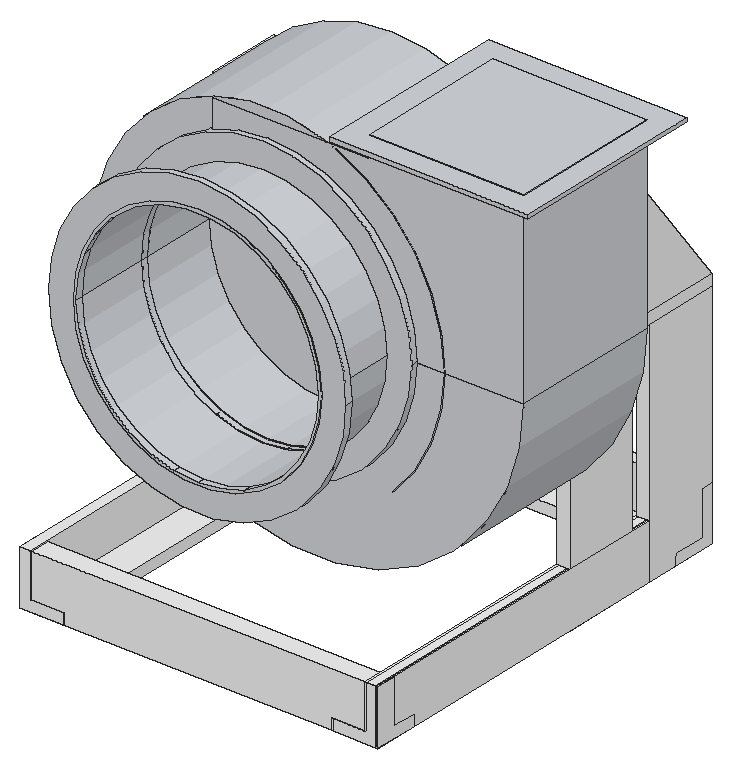
Revit family "НЕВАТОМ_Вентилятор ВР 280-46, Версия 2", category Оборудование, Revit 2017
Family settings
  Размер круглого соединителя = Использовать диаметр
  Тип детали = Нормальный
  На основе рабочей плоскости = Нет
  Всегда вертикально = Да
  При загрузке вырезать с полостями = Нет
  Общий = Да
  Точка расчета площади = Нет
Parameters (values of type "№2.0")
  Угол [instance] = 0.00° - Угол поворота  # 0.00°
  с2 = 220.00 mm
  с1 = 160.00 mm
  Ширина основания = 325.00 mm
  Ширина опоры = 325.00 mm
  Угол поворота [instance] = 0.00°
  ТП = "НЕВАТОМ_Вентилятор ВР 240-46"  # constant formula
  Сравнение праволево [instance] = if(НЕВАТОМ_Направление вращения Левое, 0.00 mm, 1.00 mm)  # 1.00 mm
  Рама монтажная [instance] = no
  НЕВАТОМ_Частота вращения электродвигателя = 3000.00 mm
  НЕВАТОМ_Направление вращения Правое = and(not(НЕВАТОМ_Направление вращения Левое))  # yes
  НЕВАТОМ_Направление вращения Левое = no
  НЕВАТОМ_Мощность электродвигатель = 0.18 mm
  НЕВАТОМ_Исполнение вентилятора = 1.00 mm
  Высота виброизолятора [instance] = if(and(Выбор виброизолятора = 1.00 mm, D = 220.00 mm), 72.00 mm, if(and(Выбор виброизолятора = 1.00 mm, D = 250.00 mm), 72.00 mm, if(and(Выбор виброизолятора = 1.00 mm, D = 315.00 mm), 92.50 mm, if(and(Выбор виброизолятора = 1.00 mm, D = 400.00 mm), 113.00 mm, if(and(Выбор виброизолятора = 1.00 mm, D = 500.00 mm), 129.00 mm, if(and(Выбор виброизолятора = 1.00 mm, D = 630.00 mm), 129.00 mm, if(and(Выбор виброизолятора = 1.00 mm, D = 800.00 mm), 170.00 mm, 0.00 mm)))))))  # 0.00 mm
  Выбор виброизолятора [instance] = if(Виброизолятор, 1.00 mm, 0.00 mm)  # 0.00 mm
  Виброизолятор [instance] = no
  ВР = 2.00 mm
  r = 50.00 mm
  l патрубка = 80.00 mm
  l длина = 160.00 mm
  l двиг = 120.00 mm
  k = 50.00 mm
  h3 = 0.00 mm
  h2 = 150.00 mm
  h1 = 170.00 mm
  h = 120.00 mm
  d двиг = 100.00 mm
  b = 20.00 mm
  URL = ""
  Type = 38.00 mm
  R2 = 160.00 mm
  R1 = 190.00 mm
  L длина опоры = 378.00 mm
  L двиг = 50.00 mm
  H1 = 270.00 mm
  H = 220.00 mm
  D1 = 225.00 mm
  D/2 = d двиг / 2  # 50.00 mm
  D входного патрубка = 220.00 mm
  D внешний = 270.00 mm
  D = 220.00 mm
  BB = 140.00 mm
  ADSK_Ток = 0 A
  ADSK_Свободный напор воздуха = 0.0 Pa
  ADSK_Расход воздуха [instance] = 0.0 L/s
  ADSK_Примечание = ""
  ADSK_Потеря давления воздуха [instance] = 0.0 Pa
  ADSK_Позиция = ""
  ADSK_Номинальная мощность = 0 W
  ADSK_Напряжение = 380 V  # constant formula
  ADSK_Наименование краткое [instance] = "ВР 280-46-2.0-0.18КВТ*3000 ОБ/МИН. ПРАВ0"
  ADSK_Наименование [instance] = "Вентилятор радиальный среднего давления"  # constant formula
  ADSK_Материал наименование = ""
  ADSK_Марка [instance] = size_lookup(ТП, "", "нет типоразмера", D)  # "VR 280-46-2.0"
  ADSK_Количество фаз числовое = 3  # constant formula
  ADSK_Количество фаз = 3  # constant formula
  ADSK_Количество = 1  # constant formula
  ADSK_Код изделия = ""
  ADSK_Завод-изготовитель [instance] = "НЕВАТОМ"  # constant formula
  ADSK_Единица измерения [instance] = "шт."  # constant formula
  ADSK_URL документации изделия = ""
  AA = 140.00 mm
  A1 = 162.00 mm
Reference planes
  plane 1 "По центру (Вперед/Назад)": y = 0
  plane 2: z = 0
  plane 3 "По центру (Влево/Вправо)": x = 0
  plane 4: x = -162.5
  plane 5: x = 162.5
  plane 6: y = -140
  plane 7: z = -50
  plane 8: z = -270
  plane 9: z = -270
  plane 10: y = 160
  plane 11: y = -220
  plane 12: x = -162.5
  plane 13: x = 162.5
Lines and regions (mm)
  reference lines
    curve 1: line (-240, 0, 0) -> (0, 0, 0)
    curve 2: line (0, 0, 260) -> (0, 0, 0)
Dimensions and locks
  equal spacing: plane 4, plane 3 "По центру (Влево/Вправо)", plane 5
  "Ширина опоры": plane 4 to plane 5
  nested 1 to nested 1 = 378.00 mm
  "BB": plane 6 to plane 1 "По центру (Вперед/Назад)"
  level to nested 1 = 270.00 mm  (x2)
  "D/2": level to plane 7
  nested 1 to plane 5 = 325.00 mm
  "H1": level to plane 8
  "с2": plane 11 to plane 1 "По центру (Вперед/Назад)"
  "с1": plane 1 "По центру (Вперед/Назад)" to plane 10
  "Ширина основания": plane 12 to plane 13
  equal spacing: plane 12, plane 3 "По центру (Влево/Вправо)", plane 13
  plane 8 to plane 9 = 0.00 mm
  "Высота виброизолятора": plane 8 to plane 9
  locked: curve 2 to curve 1 (angle 90.00°)
  "Угол": angle curve 1 to level
  "Угол": angle nested 2 to level
  aligned and locked: level to plane 2
  aligned and locked: nested 1 to plane 3 "По центру (Влево/Вправо)"
  aligned and locked: plane 1 "По центру (Вперед/Назад)" to nested 3
  aligned and locked: plane 3 "По центру (Влево/Вправо)" to nested 3
  aligned and locked: nested 2 to plane 1 "По центру (Вперед/Назад)"
  aligned and locked: plane 7 to nested 1
  aligned and locked: nested 1 to plane 1 "По центру (Вперед/Назад)"
  aligned and locked: level to curve 1
  aligned and locked: plane 3 "По центру (Влево/Вправо)" to curve 2
  aligned and locked: plane 3 "По центру (Влево/Вправо)" to nested 4
  aligned and locked: nested 2 to plane 6
  aligned and locked: plane 6 to nested 4
  aligned and locked: curve 1 to nested 2
  aligned and locked: curve 2 to nested 2
  aligned and locked: plane 11 to nested 5
  aligned and locked: plane 8 to nested 5
  aligned and locked: plane 10 to nested 6  (x2)
  aligned and locked: plane 8 to nested 6
  aligned and locked: plane 10 to nested 7
  aligned and locked: nested 8 to plane 11
  aligned and locked: plane 8 to nested 7
  aligned and locked: plane 8 to nested 8
  aligned and locked: nested 8 to plane 12
  aligned and locked: nested 5 to plane 13
  aligned and locked: nested 7 to plane 12
  aligned and locked: plane 13 to nested 6
  aligned and locked: nested 9 to plane 11
  aligned and locked: plane 9 to nested 9
Nested families
  nested 1: "Опора вентилятора" at (-162.5, 0, -50) x (-1, 0, 0) z (0, 0, 1), H <- "H", h <- "h", l длина <- "l длина", Длина опоры <- "L длина опоры", Ширина опоры <- "Ширина опоры", Ширина основания <- "Ширина основания", type "№2,5"
    with Ширина основания 325.00 mm, Ширина опоры 325.00 mm, Длина опоры 378.00 mm, l длина 160.00 mm, h 120.00 mm, H 220.00 mm
  nested 2: "Улитка" at (0, 0, 0) x (-1, 0, 0) z (0, 0, 1), A1 <- "A1", AA <- "AA", BB <- "BB", D <- "D", R1 <- "R1", R2 <- "R2", b <- "b", h1 <- "h1", h2 <- "h2", h3 <- "h3", k <- "k", type "№12,5"
    with k 50.00 mm, h3 0.00 mm, h2 150.00 mm, h1 170.00 mm, b 20.00 mm, R2 160.00 mm, R1 190.00 mm, D 220.00 mm, BB 140.00 mm, AA 140.00 mm, A1 162.00 mm
  nested 3: "НЕВАТОМ_Электродвигатель" at (0, 0, 0), type "№12.5"
    with r 50.00 mm, l двиг 120.00 mm, d двиг 100.00 mm, L двиг 50.00 mm
  nested 4: "НЕВАТОМ_Входной патрубок" at (0, -220, 0), type "№12.5"
    with D1 225.00 mm, D входного патрубка 220.00 mm, D внешний 270.00 mm
  nested 5: "НЕВАТОМ_Виброизолятор ВР, Версия 1" at (132.5, -170, -656) x (0, 1, 0) z (0, 0, 1), Type <- "Type", visible <- "Виброизолятор", type "Виброизолятор ВР"
    with t3 6.00 mm, t/2 5.143 mm, t 10.286 mm, d1 12.00 mm, d 3.00 mm, Type 38.00 mm, R1 1.50 mm, R 15.00 mm, L2+12 72.00 mm, L2 60.00 mm, L 100.00 mm, H 72.00 mm, Dsr 30.00 mm, B 60.00 mm, ADSK_Наименование "Виброизолятор ДО-38", ADSK_Масса 0.2, ADSK_Марка "Виброизолятор ДО-38", A 70.00 mm
  nested 6: "НЕВАТОМ_Виброизолятор ВР, Версия 1" at (132.5, 110, -656) x (0, 1, 0) z (0, 0, 1), Type <- "Type", visible <- "Виброизолятор", type "Виброизолятор ВР"
    with t3 6.00 mm, t/2 5.143 mm, t 10.286 mm, d1 12.00 mm, d 3.00 mm, Type 38.00 mm, R1 1.50 mm, R 15.00 mm, L2+12 72.00 mm, L2 60.00 mm, L 100.00 mm, H 72.00 mm, Dsr 30.00 mm, B 60.00 mm, ADSK_Наименование "Виброизолятор ДО-38", ADSK_Масса 0.2, ADSK_Марка "Виброизолятор ДО-38", A 70.00 mm
  nested 7: "НЕВАТОМ_Виброизолятор ВР, Версия 1" at (-132.5, 110, -656) x (0, 1, 0) z (0, 0, 1), Type <- "Type", visible <- "Виброизолятор", type "Виброизолятор ВР"
    with t3 6.00 mm, t/2 5.143 mm, t 10.286 mm, d1 12.00 mm, d 3.00 mm, Type 38.00 mm, R1 1.50 mm, R 15.00 mm, L2+12 72.00 mm, L2 60.00 mm, L 100.00 mm, H 72.00 mm, Dsr 30.00 mm, B 60.00 mm, ADSK_Наименование "Виброизолятор ДО-38", ADSK_Масса 0.2, ADSK_Марка "Виброизолятор ДО-38", A 70.00 mm
  nested 8: "НЕВАТОМ_Виброизолятор ВР, Версия 1" at (-132.5, -170, -656) x (0, 1, 0) z (0, 0, 1), Type <- "Type", visible <- "Виброизолятор", type "Виброизолятор ВР"
    with t3 6.00 mm, t/2 5.143 mm, t 10.286 mm, d1 12.00 mm, d 3.00 mm, Type 38.00 mm, R1 1.50 mm, R 15.00 mm, L2+12 72.00 mm, L2 60.00 mm, L 100.00 mm, H 72.00 mm, Dsr 30.00 mm, B 60.00 mm, ADSK_Наименование "Виброизолятор ДО-38", ADSK_Масса 0.2, ADSK_Марка "Виброизолятор ДО-38", A 70.00 mm
  nested 9: "НЕВАТОМ_Рама монтажная для ВР-280-46, Версия 2" at (0, -25, -335) x (0, 1, 0) z (0, 0, 1), visible <- "Рама монтажная", type "Рама монтажная для ВР-280-46"
    with a 12.00 mm, VR 2.00 mm, Ls 110.00 mm, Ln 375.00 mm, Lm 112.00 mm, Lh 390.00 mm, Ld 290.00 mm, L 65.00 mm, H1 41.00 mm, H 42.00 mm, D 10.00 mm, C 252.00 mm, ADSK_Масса 3.32
Connectors
  hvac at (162, -70, 170), driven by "AA", driven by "BB", driven by "ADSK_Расход воздуха", driven by "ADSK_Свободный напор воздуха"
    settings: on nested 2, index 2, duct flow 0.0 L/s, flow factor 0, pres drop 0.0 Pa, loss coef 0, conn angle 0.00°, conn width 140 mm, conn height 140 mm, conn diameter 609.6 mm, duct sys type 29, conn prof type 1, flow config 2, flow direction 2, loss method 0, conn ref index 3, conn util no, is conn primary yes, conn desc ""
  hvac at (0, -220, 0), driven by "D входного патрубка", driven by "ADSK_Расход воздуха", driven by "ADSK_Потеря давления воздуха"
    settings: on nested 4, index 3, duct flow 0.0 L/s, flow factor 0, pres drop 0.0 Pa, loss coef 0, conn angle 0.00°, conn width 304.8 mm, conn height 304.8 mm, conn diameter 220 mm, duct sys type 29, conn prof type 0, flow config 0, flow direction 1, loss method 4, conn ref index 2, conn util no, is conn primary no, conn desc ""
Definition of nested family "Опора вентилятора"
  Parameters (values of type "№8")
    Ширина основания [instance] = 800.00 mm
    Ширина опоры [instance] = 800.00 mm
    Длина опоры [instance] = 1074.00 mm
    l длина [instance] = 537.00 mm
    h [instance] = 350.00 mm
    H [instance] = 775.00 mm
  Types (8, lengths in mm): name | Ширина основания | Ширина опоры | Длина опоры | l длина | h | H
    №2,5 | 1270.00 | 930.00 | 1343.00 | 670.00 | 200.00 | 1100.00
    №3.15 | 1500.00 | 287.00 | 467.00 | 233.00 | 120.00 | 396.00
    №4 | 1500.00 | 357.00 | 580.00 | 290.00 | 130.00 | 526.00
    №5 | 1500.00 | 476.00 | 754.00 | 377.00 | 340.00 | 650.00
    №6.3 | 1500.00 | 556.00 | 900.00 | 450.00 | 100.00 | 750.00
    №8 | 800.00 | 800.00 | 1074.00 | 537.00 | 350.00 | 775.00
    №10 | 930.00 | 480.00 | 1370.00 | 670.00 | 200.00 | 1100.00
    №12.5 | 1500.00 | 700.00 | 1648.00 | 820.00 | 200.00 | 1100.00
  Reference planes
    plane 1 "По центру (Вперед/Назад)": y = 0
    plane 2: z = 0
    plane 3 "По центру (Влево/Вправо)": x = 0
    plane 4: x = -800
    plane 5: z = -800
    plane 6: y = 537
    plane 7: z = -775
    plane 8: y = -537
    plane 9: z = 350
    plane 10: x = -800
    plane 11: x = 0
    plane 12: x = -400
  Forms (mm)
    Extrusion 1, solid
      sketch origin (0, 0, 0) x (1, 0, 0) y (0, 0, 1)
        loop
          line (-797.5, -725.225) -> (-797.5, -775) -> (-757.5, -775) -> (-757.5, -765) -> (-787.5, -765) -> (-787.5, -725.225) -> (-797.5, -725.225)
      from -537 to 537
    Extrusion 2, solid
      sketch origin (-280, 0, 0) x (-1, 0, 0) y (0, 0, -1)
        loop
          line (-280, 725.225) -> (-270, 725.225) -> (-270, 765) -> (-240, 765) -> (-240, 775) -> (-280, 775) -> (-280, 725.225)
      from -537 to 537
    Extrusion 3, solid
      sketch origin (0, 0, 0) x (0, 1, 0) y (0, 0, 1)
        loop
          line (-467, 0) -> (-537, 0) -> (-537, -775) -> (-467, -775) -> (-467, 0)
      from -12.042 to 0
    Extrusion 4, solid
      sketch origin (0, 920, 0) x (0, 1, 0) y (0, 0, 1)
        loop
          line (-920, 350) -> (-990, 350) -> (-990, -775) -> (-920, -775) -> (-920, 350)
      from -12.042 to 0
    Extrusion 5, solid
      sketch origin (-260, 0, 0) x (0, 1, 0) y (0, 0, 1)
        loop
          line (-467, 0) -> (-537, 0) -> (-537, -775) -> (-467, -775) -> (-467, 0)
      from -540 to -527.958
    Extrusion 6, solid
      sketch origin (-245, 920, 0) x (0, 1, 0) y (0, 0, 1)
        loop
          line (-920, 350) -> (-990, 350) -> (-990, -775) -> (-920, -775) -> (-920, 350)
      from -555 to -542.958
    Extrusion 7, solid
      sketch origin (0, 0, 0) x (1, 0, 0) y (0, 0, 1)
        loop
          line (-800, 0) -> (-800, -10) -> (0, -10) -> (0, 0) -> (-800, 0)
      from 0 to 537
    Extrusion 8, solid
      sketch origin (0, 0, 0) x (0, 1, 0) y (0, 0, 1)
        loop
          line (-70, 350) -> (-537, 0) -> (0, 0) -> (0, 350) -> (-70, 350)
      from -4.828 to 0
    Extrusion 9, solid
      sketch origin (-230, 0, 0) x (0, 1, 0) y (0, 0, 1)
        loop
          line (-70, 350) -> (-537, 0) -> (0, 0) -> (0, 350) -> (-70, 350)
      from -570 to -565.172
    Extrusion 10, solid
      sketch origin (-402.5, 0, 0) x (1, 0, 0) y (0, 0, 1)
        loop
          line (-397.5, -725.225) -> (-397.5, -775) -> (-357.5, -775) -> (-357.5, -765) -> (-387.5, -765) -> (-387.5, -725.225) -> (-397.5, -725.225)
      from -537 to 537
    Extrusion 11, solid
      sketch origin (120, 0, 0) x (-1, 0, 0) y (0, 0, -1)
        loop
          line (120, 725.225) -> (130, 725.225) -> (130, 765) -> (160, 765) -> (160, 775) -> (120, 775) -> (120, 725.225)
      from -537 to 537
    Extrusion 12, solid
      sketch origin (-272, -122.5, 0) x (0, 1, 0) y (0, 0, 1)
        loop
          line (-414.5, -725.225) -> (-414.5, -775) -> (-374.5, -775) -> (-374.5, -765) -> (-404.5, -765) -> (-404.5, -725.225) -> (-414.5, -725.225)
      from -528 to 272
    Extrusion 13, solid
      sketch origin (-272, 122.5, 0) x (0, -1, 0) y (0, 0, -1)
        loop
          line (-414.5, 725.225) -> (-396.5, 725.225) -> (-396.5, 765) -> (-374.5, 765) -> (-374.5, 775) -> (-414.5, 775) -> (-414.5, 725.225)
      from -528 to 272
  Cuts and joins
    joined: Extrusion 4, Extrusion 8
  Dimensions and locks
    "Длина опоры": plane 6 to plane 8
    "Ширина опоры": plane 3 "По центру (Влево/Вправо)" to plane 4
    "H": level to plane 7
    "h": plane 9 to level
    plane 1 "По центру (Вперед/Назад)" to plane 8 = 537.00 mm
    "l длина": plane 1 "По центру (Вперед/Назад)" to plane 8
    locked: Extrusion 1 to Extrusion 1 at 10  (x2)
    locked: Extrusion 2 to Extrusion 2 at 10  (x2)
    locked: Extrusion 3 to Extrusion 3 at 12.042
    locked: Extrusion 3 to Extrusion 3 at 70
    locked: Extrusion 4 to Extrusion 4 at 12.042
    locked: Extrusion 4 to Extrusion 4 at 70
    locked: Extrusion 5 to Extrusion 5 at 12.042
    locked: Extrusion 5 to Extrusion 5 at 70
    locked: Extrusion 6 to Extrusion 6 at 12.042
    locked: Extrusion 6 to Extrusion 6 at 70
    locked: Extrusion 7 to Extrusion 7 at 10
    Extrusion 8 to Extrusion 8 = 4.828 mm
    locked: Extrusion 8 to Extrusion 8 at 4.828
    locked: Extrusion 9 to Extrusion 9 at 4.828
    locked: Extrusion 2 to Extrusion 2 at 40
    Extrusion 1 to Extrusion 1 = 40.00 mm
    locked: Extrusion 1 to Extrusion 1 at 40
    locked: Extrusion 10 to Extrusion 10 at 10  (x2)
    locked: Extrusion 10 to Extrusion 10 at 40
    locked: Extrusion 11 to Extrusion 11 at 10  (x2)
    locked: Extrusion 11 to Extrusion 11 at 40
    "Ширина основания": plane 10 to plane 11
    locked: Extrusion 12 to Extrusion 12 at 10
    locked: Extrusion 12 to Extrusion 12 at 40
    locked: Extrusion 13 to Extrusion 13 at 10
    locked: Extrusion 13 to Extrusion 13 at 40
    "Ширина опоры": plane 4 to plane 3 "По центру (Влево/Вправо)"
    equal spacing: plane 10, plane 12, plane 11
    equal spacing: plane 4, plane 12, plane 3 "По центру (Влево/Вправо)"
    aligned and locked: level to plane 2
    aligned and locked: plane 8 to Extrusion 1
    aligned and locked: Extrusion 1 to plane 6
    aligned and locked: Extrusion 2 to plane 3 "По центру (Влево/Вправо)"
    aligned and locked: Extrusion 2 to plane 6
    aligned and locked: level to Extrusion 3
    aligned and locked: Extrusion 3 to plane 7
    aligned and locked: plane 8 to Extrusion 3
    aligned and locked: Extrusion 4 to plane 1 "По центру (Вперед/Назад)"
    aligned and locked: plane 3 "По центру (Влево/Вправо)" to Extrusion 3
    aligned and locked: plane 3 "По центру (Влево/Вправо)" to Extrusion 4
    aligned and locked: Extrusion 5 to plane 4
    aligned and locked: Extrusion 6 to plane 4
    aligned and locked: level to Extrusion 7
    aligned and locked: plane 8 to Extrusion 2
    aligned and locked: plane 8 to Extrusion 7
    aligned and locked: plane 9 to Extrusion 6
    aligned and locked: plane 9 to Extrusion 4
    aligned and locked: Extrusion 8 sketch curve to level
    aligned and locked: plane 9 to Extrusion 8 sketch curve
    aligned and locked: Extrusion 9 to plane 4
    aligned and locked: Extrusion 8 to plane 1 "По центру (Вперед/Назад)"
    aligned and locked: plane 8 to Extrusion 12
    aligned and locked: plane 11 to Extrusion 12
    aligned and locked: Extrusion 12 to plane 10
    aligned and locked: plane 11 to Extrusion 13
    aligned and locked: Extrusion 13 to plane 10
    aligned and locked: Extrusion 13 to plane 6
    aligned and locked: plane 8 to Extrusion 11
    aligned and locked: Extrusion 11 to plane 6
    aligned and locked: Extrusion 10 to plane 6
    aligned and locked: plane 8 to Extrusion 10
  Automatic sketch dimensions
    Extrusion 1 sketch curve to plane 7 = 0.00 mm
    plane 4 to Extrusion 1 sketch curve = 2.50 mm
    Extrusion 1 sketch curve to Extrusion 1 sketch curve = 10.00 mm  (x2)
    Extrusion 1 sketch curve to Extrusion 1 sketch curve = 30.00 mm
    Extrusion 1 sketch curve to Extrusion 1 sketch curve = 39.775 mm
    plane 3 "По центру (Влево/Вправо)" to Extrusion 2 sketch curve = 0.00 mm
    Extrusion 2 sketch curve to plane 7 = 0.00 mm
    plane 3 "По центру (Влево/Вправо)" to Extrusion 2 sketch curve = 10.00 mm
    Extrusion 2 sketch curve to Extrusion 2 sketch curve = 30.00 mm
    Extrusion 2 sketch curve to Extrusion 2 sketch curve = 10.00 mm
    Extrusion 2 sketch curve to Extrusion 2 sketch curve = 39.775 mm
    Extrusion 3 sketch curve to level = 0.00 mm
    Extrusion 3 sketch curve to plane 8 = 0.00 mm
    Extrusion 3 sketch curve to plane 7 = 0.00 mm
    Extrusion 3 sketch curve to plane 8 = 70.00 mm
    Extrusion 4 sketch curve to plane 9 = 0.00 mm
    Extrusion 4 sketch curve to plane 7 = 0.00 mm
    Extrusion 4 sketch curve to plane 1 "По центру (Вперед/Назад)" = 0.00 mm
    plane 1 "По центру (Вперед/Назад)" to Extrusion 4 sketch curve = 70.00 mm
    Extrusion 5 sketch curve to level = 0.00 mm
    Extrusion 5 sketch curve to plane 8 = 0.00 mm
    Extrusion 5 sketch curve to plane 7 = 0.00 mm
    Extrusion 5 sketch curve to plane 8 = 70.00 mm
    Extrusion 6 sketch curve to plane 9 = 0.00 mm
    Extrusion 6 sketch curve to plane 7 = 0.00 mm
    Extrusion 6 sketch curve to plane 1 "По центру (Вперед/Назад)" = 0.00 mm
    plane 1 "По центру (Вперед/Назад)" to Extrusion 6 sketch curve = 70.00 mm
    Extrusion 7 sketch curve to plane 4 = 0.00 mm
    Extrusion 7 sketch curve to plane 3 "По центру (Влево/Вправо)" = 0.00 mm
    Extrusion 7 sketch curve to level = 0.00 mm
    Extrusion 7 sketch curve to level = 10.00 mm
    Extrusion 8 sketch curve to plane 8 = 0.00 mm
    Extrusion 8 sketch curve to plane 1 "По центру (Вперед/Назад)" = 0.00 mm
    plane 1 "По центру (Вперед/Назад)" to Extrusion 8 sketch curve = 70.00 mm
    Extrusion 9 sketch curve to level = 0.00 mm
    Extrusion 9 sketch curve to plane 8 = 0.00 mm
    Extrusion 9 sketch curve to plane 9 = 0.00 mm
    Extrusion 9 sketch curve to plane 1 "По центру (Вперед/Назад)" = 0.00 mm
    plane 1 "По центру (Вперед/Назад)" to Extrusion 9 sketch curve = 70.00 mm
    Extrusion 10 sketch curve to plane 10 = 0.00 mm
    Extrusion 10 sketch curve to plane 7 = 0.00 mm
    plane 10 to Extrusion 10 sketch curve = 10.00 mm
    Extrusion 10 sketch curve to Extrusion 10 sketch curve = 30.00 mm
    Extrusion 10 sketch curve to Extrusion 10 sketch curve = 10.00 mm
    Extrusion 10 sketch curve to Extrusion 10 sketch curve = 39.775 mm
    Extrusion 11 sketch curve to plane 11 = 0.00 mm
    Extrusion 11 sketch curve to plane 7 = 0.00 mm
    Extrusion 11 sketch curve to Extrusion 11 sketch curve = 10.00 mm  (x2)
    Extrusion 11 sketch curve to Extrusion 11 sketch curve = 30.00 mm
    Extrusion 11 sketch curve to Extrusion 11 sketch curve = 39.775 mm
    Extrusion 12 sketch curve to plane 8 = 0.00 mm
    Extrusion 12 sketch curve to plane 7 = 0.00 mm
    Extrusion 12 sketch curve to plane 8 = 10.00 mm
    Extrusion 12 sketch curve to Extrusion 12 sketch curve = 30.00 mm
    Extrusion 12 sketch curve to Extrusion 12 sketch curve = 10.00 mm
    Extrusion 12 sketch curve to Extrusion 12 sketch curve = 39.775 mm
    Extrusion 13 sketch curve to plane 7 = 0.00 mm
    plane 6 to Extrusion 13 sketch curve = 0.00 mm
    Extrusion 13 sketch curve to Extrusion 13 sketch curve = 18.00 mm
    Extrusion 13 sketch curve to Extrusion 13 sketch curve = 22.00 mm
    Extrusion 13 sketch curve to Extrusion 13 sketch curve = 10.00 mm
    Extrusion 13 sketch curve to Extrusion 13 sketch curve = 39.775 mm
Definition of nested family "Улитка"
  Parameters (values of type "№2.5")
    k [instance] = 50.00 mm
    h2 [instance] = 155.00 mm
    h3 [instance] = 0.00 mm
    h1 [instance] = 190.00 mm
    b [instance] = 20.00 mm
    R2 [instance] = 190.00 mm
    R1 [instance] = 220.00 mm
    D [instance] = 250.00 mm
    BB [instance] = 175.00 mm
    AA [instance] = 175.00 mm
    A1 [instance] = 162.00 mm
  Types (8, lengths in mm): name | k | h2 | h3 | h1 | b | R2 | R1 | D | BB | AA | A1
    №2.5 | 50.00 | 155.00 | 0.00 | 190.00 | 20.00 | 190.00 | 220.00 | 250.00 | 175.00 | 175.00 | 162.00
    №3.15 | 1.00 | 200.00 | 100.00 | 220.00 | 20.00 | 200.00 | 257.00 | 320.00 | 220.00 | 220.00 | 204.00
    №4 | 1.00 | 250.00 | 100.00 | 270.00 | 25.00 | 250.00 | 326.00 | 400.00 | 280.00 | 280.00 | 260.00
    №5 | 1.00 | 310.00 | 100.00 | 335.00 | 25.00 | 310.00 | 400.00 | 500.00 | 350.00 | 350.00 | 325.00
    №6,3 | 1.00 | 395.00 | 100.00 | 415.00 | 25.00 | 400.00 | 513.00 | 630.00 | 441.00 | 441.00 | 409.00
    №8 | 0.00 | 500.00 | 100.00 | 540.00 | 25.00 | 500.00 | 650.00 | 800.00 | 560.00 | 560.00 | 520.00
    №10 | 80.00 | 620.00 | 100.00 | 660.00 | 25.00 | 620.00 | 880.00 | 1000.00 | 700.00 | 700.00 | 800.00
    №12,5 | 80.00 | 780.00 | 100.00 | 815.00 | 25.00 | 780.00 | 1050.00 | 1250.00 | 875.00 | 875.00 | 900.00
  Reference planes
    plane 1 "По центру (Вперед/Назад)": y = 0
    plane 2: z = 0
    plane 3 "По центру (Влево/Вправо)": x = 0
    plane 4: z = 190
    plane 5: x = 50
    plane 6: y = -175
    plane 7: z = 155
    plane 8: x = -249.5
    plane 9: x = -74.5
    plane 10: x = -162
    plane 11: y = -87.5
    plane 12: z = 120
    plane 13: z = 150
    plane 14: z = 0
  Forms (mm)
    Extrusion 1, solid
      sketch origin (0, 0, 0) x (1, 0, 0) y (0, 0, 1)
        loop
          line (190.5, 0) -> (-249.5, 0)
          arc (-249.5, 0) -> (-29.5, -220) -> (190.5, 0) r 220
      from 0 to 175
    Extrusion 2, solid
      sketch origin (0, 0, 0) x (1, 0, 0) y (0, 0, 1)
        loop
          line (-249.5, 0) -> (50, 0) -> (50, 155) -> (-74.5, 155) -> (-74.5, 190) -> (-249.5, 190) -> (-249.5, 0)
      from 0 to 175
    Extrusion 3, solid
      sketch origin (0, 0, 0) x (1, 0, 0) y (0, 0, 1)
        loop
          circle (-0.331, 0) r 190
      from 0 to 175
    Extrusion 4, solid
      sketch origin (0, 0, 0) x (1, 0, 0) y (0, 1, 0)
        loop
          line (-269.5, 20) -> (-269.5, -195) -> (-54.5, -195) -> (-54.5, 20) -> (-269.5, 20)
      from 186.267 to 190
    Extrusion 5, void
      sketch origin (0, 0, 0) x (1, 0, 0) y (0, 0, 1)
        loop
          circle (0, 0) r 125
      from 87.5 to 1163.502
  Cuts and joins
    Extrusion 5 cuts Extrusion 1
    Extrusion 5 cuts Extrusion 2
    Extrusion 5 cuts Extrusion 3
  Dimensions and locks
    "h1": plane 4 to level
    "BB": plane 6 to plane 1 "По центру (Вперед/Назад)"
    "k": plane 5 to plane 3 "По центру (Влево/Вправо)"
    "h2": plane 7 to level
    equal spacing: plane 9, plane 10, plane 8
    "AA": plane 9 to plane 8
    "A1": plane 3 "По центру (Влево/Вправо)" to plane 10
    equal spacing: plane 1 "По центру (Вперед/Назад)", plane 11, plane 6
    "b": plane 9 to Extrusion 4 sketch curve
    locked: Extrusion 4 to Extrusion 4 at 3.733
    plane 7 to plane 13 = 5.00 mm
    "h3": level to plane 14
    "b": Extrusion 4 to plane 1 "По центру (Вперед/Назад)"
    "b": plane 6 to Extrusion 4
    "b": Extrusion 4 sketch curve to plane 8
    cut or joined group of Extrusion 2, Extrusion 5 to cut or joined group of Extrusion 1, Extrusion 5 = 375.00 mm
    cut or joined group of Extrusion 2, Extrusion 5 to cut or joined group of Extrusion 3, Extrusion 5 = 439.169 mm
    "R1": radius of Extrusion 1 sketch curve
    "R2": radius of Extrusion 3 sketch curve
    "D": diameter of Extrusion 5 sketch curve
    aligned and locked: level to plane 2
    aligned and locked: Extrusion 1 to plane 6
    aligned and locked: Extrusion 1 to plane 1 "По центру (Вперед/Назад)"
    aligned and locked: Extrusion 2 to plane 6
    aligned and locked: Extrusion 2 to plane 1 "По центру (Вперед/Назад)"
    aligned and locked: plane 9 to Extrusion 2
    aligned and locked: plane 8 to Extrusion 2
    aligned and locked: Extrusion 3 to plane 6
    aligned and locked: plane 6 to Extrusion 2
    aligned and locked: plane 4 to Extrusion 4
    aligned and locked: Extrusion 4 to plane 4
    aligned and locked: Extrusion 5 to plane 11
  Automatic sketch dimensions
    Extrusion 2 sketch curve to plane 4 = 0.00 mm
    Extrusion 2 sketch curve to plane 8 = 0.00 mm
    Extrusion 2 sketch curve to plane 9 = 0.00 mm
    Extrusion 2 sketch curve to level = 0.00 mm
    plane 5 to Extrusion 2 sketch curve = 0.00 mm
    plane 7 to Extrusion 2 sketch curve = 0.00 mm
    Extrusion 1 sketch curve to level = 0.00 mm
    Extrusion 1 sketch curve to plane 8 = 0.00 mm
    Extrusion 3 sketch curve to level = 0.00 mm
    Extrusion 3 sketch curve to plane 3 "По центру (Влево/Вправо)" = 0.331 mm
    Extrusion 4 sketch curve to plane 6 = 20.00 mm
    Extrusion 4 sketch curve to plane 1 "По центру (Вперед/Назад)" = 20.00 mm
    Extrusion 5 sketch curve to level = 0.00 mm
    Extrusion 5 sketch curve to plane 3 "По центру (Влево/Вправо)" = 0.00 mm
Definition of nested family "НЕВАТОМ_Электродвигатель"
  Parameters (values of type "№3.5")
    Default Elevation = 1219.20 mm
    r = 90.00 mm
    l двиг = 140.00 mm
    d двиг = 140.00 mm
    L двиг = 160.00 mm
  Types (7, lengths in mm): name | r | l двиг | d двиг | L двиг
    (no name) | 90.00 | 140.00 | 140.00 | 160.00
    №12.5 | 200.00 | 420.00 | 320.00 | 500.00
    №10 | 200.00 | 300.00 | 280.00 | 240.00
    №8 | 90.00 | 200.00 | 140.00 | 240.00
    №6.3 | 90.00 | 140.00 | 140.00 | 160.00
    №5 | 90.00 | 140.00 | 140.00 | 160.00
    №3.5 | 90.00 | 140.00 | 140.00 | 160.00
  Reference planes
    plane 1 "По центру (Вперед/Назад)": y = 0
    plane 2: z = 0
    plane 3 "По центру (Влево/Вправо)": x = 0
    plane 4: y = 140
    plane 5: y = 300
  Forms (mm)
    Extrusion 1, solid
      sketch origin (0, 0, 0) x (1, 0, 0) y (0, 0, 1)
        loop
          circle (0, 0) r 70
      from 0 to -140
    Revolve 2, solid
      sketch origin (0, 0, 0) x (0, 1, 0) y (0, 0, 1)
        loop
          line (140, 0) -> (300, 0) -> (300, 65) -> (275, 90) -> (140, 90) -> (140, 0)
        axis (300, 0) -> (140, 0)
      angle from 0 to 360
  Dimensions and locks
    "l двиг": plane 4 to plane 1 "По центру (Вперед/Назад)"
    "L двиг": plane 5 to plane 4
    "r": Revolve 2 sketch curve to Revolve 2 sketch curve
    "d двиг": diameter of Extrusion 1 sketch curve
    aligned and locked: level to plane 2
    aligned and locked: plane 4 to Extrusion 1
    aligned and locked: plane 1 "По центру (Вперед/Назад)" to Extrusion 1
    aligned and locked: plane 5 to Revolve 2 sketch curve
    aligned and locked: plane 4 to Revolve 2 sketch curve
  Automatic sketch dimensions
    Extrusion 1 sketch curve to level = 0.00 mm
    Extrusion 1 sketch curve to plane 3 "По центру (Влево/Вправо)" = 0.00 mm
    Revolve 2 sketch curve to level = 0.00 mm  (x2)
    Revolve 2 sketch curve to plane 4 = 0.00 mm
    Revolve 2 sketch curve to plane 5 = 0.00 mm
    Revolve 2 sketch curve to plane 5 = 25.00 mm
    Revolve 2 sketch curve to Revolve 2 sketch curve = 25.00 mm
Definition of nested family "НЕВАТОМ_Входной патрубок"
  Parameters (values of type "№12.5")
    l патрубка = 80.00 mm
    D1 = D входного патрубка + 5.00 mm  # 1255.00 mm
    D входного патрубка = 1250.00 mm
    D внешний = 1300.00 mm
  Types (9, lengths in mm): name | D1 | D входного патрубка | D внешний
    (no name) | 1255.00 | 1250.00 | 1300.00
    №2.5 | 255.00 | 250.00 | 300.00
    №3.15 | 320.00 | 315.00 | 365.00
    №4 | 405.00 | 400.00 | 450.00
    №5 | 505.00 | 500.00 | 550.00
    №6.3 | 635.00 | 630.00 | 700.00
    №8 | 805.00 | 800.00 | 850.00
    №10 | 1005.00 | 1000.00 | 1050.00
    №12.5 | 1255.00 | 1250.00 | 1300.00
  Reference planes
    plane 1 "По центру (Вперед/Назад)": y = 0
    plane 2: z = 0
    plane 3 "По центру (Влево/Вправо)": x = 0
    plane 4: y = 80
  Forms (mm)
    Extrusion 1, solid
      sketch origin (0, 0, 0) x (1, 0, 0) y (0, 0, 1)
        loop
          circle (0, 0) r 650
        loop
          circle (0, 0) r 625
      from 0 to -6.082
    Extrusion 2, solid
      sketch origin (0, 44.89, 0) x (1, 0, 0) y (0, 0, 1)
        loop
          circle (0, 0) r 650
        loop
          circle (0, 0) r 625
      from -29.027 to -35.11
    Extrusion 3, solid
      sketch origin (0, 0, 0) x (1, 0, 0) y (0, 0, 1)
        loop
          circle (0, 0) r 625
        loop
          circle (0, 0) r 627.5
      from 0 to -80
  Dimensions and locks
    locked: Extrusion 1 to Extrusion 1 at 6.082
    locked: Extrusion 2 to Extrusion 2 at 6.082
    "l патрубка": plane 1 "По центру (Вперед/Назад)" to plane 4
    "D входного патрубка": diameter of Extrusion 1 sketch curve
    "D внешний": diameter of Extrusion 1 sketch curve
    "D входного патрубка": diameter of Extrusion 2 sketch curve
    "D внешний": diameter of Extrusion 2 sketch curve
    "D входного патрубка": diameter of Extrusion 1
    "D1": diameter of Extrusion 3 sketch curve
    "D входного патрубка": diameter of Extrusion 3 sketch curve
    aligned and locked: level to plane 2
    aligned and locked: Extrusion 2 to plane 4
    aligned and locked: Extrusion 3 to plane 4
  Automatic sketch dimensions
    Extrusion 1 sketch curve to Extrusion 1 sketch curve = 0.00 mm  (x2)
    Extrusion 1 sketch curve to level = 0.00 mm
    Extrusion 1 sketch curve to plane 3 "По центру (Влево/Вправо)" = 0.00 mm
    Extrusion 2 sketch curve to Extrusion 2 sketch curve = 0.00 mm  (x2)
    Extrusion 2 sketch curve to level = 0.00 mm
    Extrusion 2 sketch curve to plane 3 "По центру (Влево/Вправо)" = 0.00 mm
    Extrusion 3 sketch curve to Extrusion 3 sketch curve = 0.00 mm  (x2)
    Extrusion 3 sketch curve to level = 0.00 mm
    Extrusion 3 sketch curve to plane 3 "По центру (Влево/Вправо)" = 0.00 mm
Definition of nested family "НЕВАТОМ_Виброизолятор ВР, Версия 1"
  Parameters (values of type "Виброизолятор ВР")
    Виброизолятор = "НЕВАТОМ_Виброизолятор ВР"  # constant formula
    t3 [instance] = 6.00 mm  # constant formula
    t/2 [instance] = t / 2  # 12.143 mm
    t [instance] = H / 7  # 24.286 mm
    d1 [instance] = size_lookup(Виброизолятор, "d1", 12.00 mm, Type)  # 14.00 mm
    d [instance] = size_lookup(Виброизолятор, "d", 3.00 mm, Type)  # 8.00 mm
    Type [instance] = 42.00 mm
    R1 [instance] = d / 2  # 4.00 mm
    R [instance] = Dsr / 2  # 36.00 mm
    Massiv = 6
    L2+12 [instance] = L2 + 12.00 mm  # 170.00 mm
    L2 [instance] = H - 12.00 mm  # 158.00 mm
    L [instance] = size_lookup(Виброизолятор, "L", 100.00 mm, Type)  # 150.00 mm
    H [instance] = size_lookup(Виброизолятор, "H", 72.00 mm, Type)  # 170.00 mm
    Dsr [instance] = size_lookup(Виброизолятор, "Dsr", 30.00 mm, Type)  # 72.00 mm
    B [instance] = size_lookup(Виброизолятор, "B", 60.00 mm, Type)  # 110.00 mm
    ADSK_Примечание = ""
    ADSK_Позиция = ""
    ADSK_Обозначение = ""
    ADSK_Наименование [instance] = size_lookup(Виброизолятор, "", "Виброизолятор ДО-38", Type)  # "Виброизолятор ДО-42"
    ADSK_Масса [instance] = size_lookup(Виброизолятор, "M", 0.2, Type)  # 1.3
    ADSK_Марка [instance] = ADSK_Наименование  # "Виброизолятор ДО-42"
    ADSK_Количество = 1
    ADSK_Код изделия = "ДО"  # constant formula
    ADSK_Завод-изготовитель = "КВЗ"
    ADSK_Единица измерения = ""
    A [instance] = size_lookup(Виброизолятор, "A", 70.00 mm, Type)  # 120.00 mm
  Reference planes
    plane 1 "По центру (Вперед/Назад)": y = 0
    plane 2: z = 0
    plane 3 "По центру (Влево/Вправо)": x = 0
    plane 4: z = 320
    plane 5: z = 344.286
    plane 6: z = 368.571
    plane 7: z = 392.857
    plane 8: y = 55
    plane 9: x = -75
    plane 10: x = 75
    plane 11: y = -55
    plane 12: x = 75
    plane 13: x = -75
    plane 14: y = 55
    plane 15: y = -55
    plane 16: z = 417.143
    plane 17: z = 441.429
    plane 18: z = 314
    plane 19: z = 484
  Forms (mm)
    SweptBlend 1, solid
      path origin (0, 0, 320) x (1, 0, 0) y (0, 1, 0)
        loop
          arc (0, 36) -> (-36, 0) -> (0, -36) r 36
      profile origin (0, 36, 320) x (0, -1, 0) y (0, 0, 1)
        loop
          circle (0, 0) r 4
      end profile origin (0, -36, 320) x (0, 1, 0) y (0, 0, 1)
        loop
          circle (0, 12.143) r 4
    SweptBlend 2, solid
      path origin (0, 0, 320) x (-1, 0, 0) y (0, -1, 0)
        loop
          arc (0, 36) -> (-36, 0) -> (0, -36) r 36
      profile origin (0, -36, 320) x (0, 1, 0) y (0, 0, 1)
        loop
          circle (0, 12.143) r 4
      end profile origin (0, 36, 320) x (0, -1, 0) y (0, 0, 1)
        loop
          circle (0, 24.286) r 4
    SweptBlend 3, solid
      path origin (0, 0, 344.286) x (1, 0, 0) y (0, 1, 0)
        loop
          arc (0, 36) -> (-36, 0) -> (0, -36) r 36
      profile origin (0, 36, 344.286) x (0, -1, 0) y (0, 0, 1)
        loop
          circle (0, 0) r 4
      end profile origin (0, -36, 344.286) x (0, 1, 0) y (0, 0, 1)
        loop
          circle (0, 12.143) r 4
    SweptBlend 4, solid
      path origin (0, 0, 344.286) x (-1, 0, 0) y (0, -1, 0)
        loop
          arc (0, 36) -> (-36, 0) -> (0, -36) r 36
      profile origin (0, -36, 344.286) x (0, 1, 0) y (0, 0, 1)
        loop
          circle (0, 12.143) r 4
      end profile origin (0, 36, 344.286) x (0, -1, 0) y (0, 0, 1)
        loop
          circle (0, 24.286) r 4
    Extrusion 5, solid
      sketch origin (0, 0, 0) x (1, 0, 0) y (0, 1, 0)
        loop
          line (-75, 55) -> (-75, -55) -> (75, -55) -> (75, 55) -> (-75, 55)
        loop
          circle (-60, 0) r 7
        loop
          circle (60, 0) r 7
      from 320 to 314
    SweptBlend 6, solid
      path origin (0, 0, 368.571) x (1, 0, 0) y (0, 1, 0)
        loop
          arc (0, 36) -> (-36, 0) -> (0, -36) r 36
      profile origin (0, 36, 368.571) x (0, -1, 0) y (0, 0, 1)
        loop
          circle (0, 0) r 4
      end profile origin (0, -36, 368.571) x (0, 1, 0) y (0, 0, 1)
        loop
          circle (0, 12.143) r 4
    SweptBlend 7, solid
      path origin (0, 0, 368.571) x (-1, 0, 0) y (0, -1, 0)
        loop
          arc (0, 36) -> (-36, 0) -> (0, -36) r 36
      profile origin (0, -36, 368.571) x (0, 1, 0) y (0, 0, 1)
        loop
          circle (0, 12.143) r 4
      end profile origin (0, 36, 368.571) x (0, -1, 0) y (0, 0, 1)
        loop
          circle (0, 24.286) r 4
    SweptBlend 8, solid
      path origin (0, 0, 392.857) x (1, 0, 0) y (0, 1, 0)
        loop
          arc (0, 36) -> (-36, 0) -> (0, -36) r 36
      profile origin (0, 36, 392.857) x (0, -1, 0) y (0, 0, 1)
        loop
          circle (0, 0) r 4
      end profile origin (0, -36, 392.857) x (0, 1, 0) y (0, 0, 1)
        loop
          circle (0, 12.143) r 4
    SweptBlend 9, solid
      path origin (0, 0, 392.857) x (-1, 0, 0) y (0, -1, 0)
        loop
          arc (0, 36) -> (-36, 0) -> (0, -36) r 36
      profile origin (0, -36, 392.857) x (0, 1, 0) y (0, 0, 1)
        loop
          circle (0, 12.143) r 4
      end profile origin (0, 36, 392.857) x (0, -1, 0) y (0, 0, 1)
        loop
          circle (0, 24.286) r 4
    Extrusion 10, solid
      sketch origin (0, 0, 0) x (1, 0, 0) y (0, 1, 0)
        loop
          line (-75, 55) -> (-75, -55) -> (75, -55) -> (75, 55) -> (-75, 55)
        loop
          circle (-60, 0) r 6
        loop
          circle (60, 0) r 6
      from 484 to 478
    SweptBlend 11, solid
      path origin (0, 0, 417.143) x (1, 0, 0) y (0, 1, 0)
        loop
          arc (0, 36) -> (-36, 0) -> (0, -36) r 36
      profile origin (0, 36, 417.143) x (0, -1, 0) y (0, 0, 1)
        loop
          circle (0, 0) r 4
      end profile origin (0, -36, 417.143) x (0, 1, 0) y (0, 0, 1)
        loop
          circle (0, 12.143) r 4
    SweptBlend 12, solid
      path origin (0, 0, 417.143) x (-1, 0, 0) y (0, -1, 0)
        loop
          arc (0, 36) -> (-36, 0) -> (0, -36) r 36
      profile origin (0, -36, 417.143) x (0, 1, 0) y (0, 0, 1)
        loop
          circle (0, 12.143) r 4
      end profile origin (0, 36, 417.143) x (0, -1, 0) y (0, 0, 1)
        loop
          circle (0, 24.286) r 4
    SweptBlend 13, solid
      path origin (0, 0, 441.429) x (1, 0, 0) y (0, 1, 0)
        loop
          arc (0, 36) -> (-36, 0) -> (0, -36) r 36
      profile origin (0, 36, 441.429) x (0, -1, 0) y (0, 0, 1)
        loop
          circle (0, 0) r 4
      end profile origin (0, -36, 441.429) x (0, 1, 0) y (0, 0, 1)
        loop
          circle (0, 12.143) r 4
    SweptBlend 14, solid
      path origin (0, 0, 441.429) x (-1, 0, 0) y (0, -1, 0)
        loop
          arc (0, 36) -> (-36, 0) -> (0, -36) r 36
      profile origin (0, -36, 441.429) x (0, 1, 0) y (0, 0, 1)
        loop
          circle (0, 12.143) r 4
      end profile origin (0, 36, 441.429) x (0, -1, 0) y (0, 0, 1)
        loop
          circle (0, 24.286) r 4
  Dimensions and locks
    "t/2": SweptBlend 1 sketch curve to profile plane
    "t": SweptBlend 2 sketch curve to profile plane
    "t/2": SweptBlend 2 sketch curve to profile plane
    "t/2": SweptBlend 3 sketch curve to profile plane
    "t": SweptBlend 4 sketch curve to profile plane
    "t/2": SweptBlend 4 sketch curve to profile plane
    equal spacing: group 1, group 2, group 3, group 4, group 5, group 6  (x3)
    "t": plane 5 to plane 4
    "t3": Extrusion 5 to Extrusion 5
    "t/2": SweptBlend 6 sketch curve to profile plane
    "t": SweptBlend 7 sketch curve to profile plane
    "t/2": SweptBlend 7 sketch curve to profile plane
    "t/2": SweptBlend 8 sketch curve to profile plane
    "t": SweptBlend 9 sketch curve to profile plane
    "t/2": SweptBlend 9 sketch curve to profile plane
    equal spacing: plane 9, plane 3 "По центру (Влево/Вправо)", plane 10
    "L": plane 9 to plane 10
    equal spacing: plane 8, plane 1 "По центру (Вперед/Назад)", plane 11
    "B": plane 8 to plane 11
    equal spacing: Extrusion 5 sketch curve, plane 3 "По центру (Влево/Вправо)", Extrusion 5 sketch curve
    "A": Extrusion 5 sketch curve to Extrusion 5 sketch curve
    equal spacing: plane 13, plane 3 "По центру (Влево/Вправо)", plane 12
    "L": plane 13 to plane 12
    equal spacing: plane 14, plane 1 "По центру (Вперед/Назад)", plane 15
    "B": plane 14 to plane 15
    equal spacing: Extrusion 10 sketch curve, plane 3 "По центру (Влево/Вправо)", Extrusion 10 sketch curve
    "A": Extrusion 10 sketch curve to Extrusion 10 sketch curve
    "t3": Extrusion 10 to Extrusion 10
    "L2": plane 4 to Extrusion 10
    "t/2": SweptBlend 11 sketch curve to profile plane
    "t": SweptBlend 12 sketch curve to profile plane
    "t/2": SweptBlend 12 sketch curve to profile plane
    "t/2": SweptBlend 13 sketch curve to profile plane
    "t": SweptBlend 14 sketch curve to profile plane
    "t/2": SweptBlend 14 sketch curve to profile plane
    "L2+12": plane 19 to plane 18
    "R": radius of SweptBlend 1 sketch curve
    "R1": radius of SweptBlend 1 sketch curve  (x2)
    "R": radius of SweptBlend 2 sketch curve
    "R1": radius of SweptBlend 2 sketch curve  (x2)
    "R": radius of SweptBlend 3 sketch curve
    "R1": radius of SweptBlend 3 sketch curve  (x2)
    "R": radius of SweptBlend 4 sketch curve
    "R1": radius of SweptBlend 4 sketch curve  (x2)
    "R": radius of SweptBlend 6 sketch curve
    "R1": radius of SweptBlend 6 sketch curve  (x2)
    "R": radius of SweptBlend 7 sketch curve
    "R1": radius of SweptBlend 7 sketch curve  (x2)
    "R": radius of SweptBlend 8 sketch curve
    "R1": radius of SweptBlend 8 sketch curve  (x2)
    "R": radius of SweptBlend 9 sketch curve
    "R1": radius of SweptBlend 9 sketch curve  (x2)
    "d1": diameter of Extrusion 5 sketch curve  (x2)
    diameter of Extrusion 5 = 14.00 mm  (x2)
    "R": radius of SweptBlend 11 sketch curve
    "R1": radius of SweptBlend 11 sketch curve  (x2)
    "R": radius of SweptBlend 12 sketch curve
    "R1": radius of SweptBlend 12 sketch curve  (x2)
    "R": radius of SweptBlend 13 sketch curve
    "R1": radius of SweptBlend 13 sketch curve  (x2)
    "R": radius of SweptBlend 14 sketch curve
    "R1": radius of SweptBlend 14 sketch curve  (x2)
    aligned and locked: level to plane 2
    aligned and locked: plane 4 to Extrusion 5
    aligned and locked: Extrusion 10 sketch curve to Extrusion 5  (x4)
    aligned and locked: Extrusion 5 to plane 14
    aligned and locked: plane 13 to Extrusion 5
    aligned and locked: plane 15 to Extrusion 5
    aligned and locked: Extrusion 5 to plane 12
    aligned and locked: plane 19 to Extrusion 10
    aligned and locked: plane 18 to Extrusion 5
  Automatic sketch dimensions
    SweptBlend 1 sketch curve to plane 4 = 0.00 mm
    SweptBlend 1 sketch curve to profile plane = 0.00 mm  (x2)
    SweptBlend 2 sketch curve to profile plane = 0.00 mm  (x2)
    SweptBlend 3 sketch curve to plane 5 = 0.00 mm
    SweptBlend 3 sketch curve to profile plane = 0.00 mm  (x2)
    SweptBlend 4 sketch curve to profile plane = 0.00 mm  (x2)
    SweptBlend 6 sketch curve to plane 6 = 0.00 mm
    SweptBlend 6 sketch curve to profile plane = 0.00 mm  (x2)
    SweptBlend 7 sketch curve to profile plane = 0.00 mm  (x2)
    SweptBlend 8 sketch curve to plane 7 = 0.00 mm
    SweptBlend 8 sketch curve to profile plane = 0.00 mm  (x2)
    SweptBlend 9 sketch curve to profile plane = 0.00 mm  (x2)
    SweptBlend 11 sketch curve to plane 16 = 0.00 mm
    SweptBlend 11 sketch curve to profile plane = 0.00 mm  (x2)
    SweptBlend 12 sketch curve to profile plane = 0.00 mm  (x2)
    SweptBlend 13 sketch curve to plane 17 = 0.00 mm
    SweptBlend 13 sketch curve to profile plane = 0.00 mm  (x2)
    SweptBlend 14 sketch curve to profile plane = 0.00 mm  (x2)
    Extrusion 5 sketch curve to plane 8 = 0.00 mm
    Extrusion 5 sketch curve to plane 9 = 0.00 mm
    Extrusion 5 sketch curve to plane 10 = 0.00 mm
    Extrusion 5 sketch curve to plane 11 = 0.00 mm
    plane 1 "По центру (Вперед/Назад)" to Extrusion 5 sketch curve = 0.00 mm  (x2)
    plane 1 "По центру (Вперед/Назад)" to Extrusion 10 sketch curve = 0.00 mm  (x2)
    radius of Extrusion 10 sketch curve = 6.00 mm  (x2)
Definition of nested family "НЕВАТОМ_Рама монтажная для ВР-280-46, Версия 2"
  Parameters (values of type "Рама монтажная для ВР-280-46")
    Рама = "НЕВАТОМ_Рама монтажная для ВР-280-46"  # constant formula
    Материал = none
    t = 1.50 mm
    a = size_lookup(Рама, "a", 12.00 mm, VR)  # 24.00 mm
    VR = 8.00 mm
    Ls = Lm - 2.00 mm  # 966.00 mm
    Ln = Lh - 15.00 mm  # 1265.00 mm
    Lm = size_lookup(Рама, "Lm", 183.00 mm, VR)  # 968.00 mm
    Lh = size_lookup(Рама, "Lh", 390.00 mm, VR)  # 1280.00 mm
    Ld1 = 20.00 mm  # constant formula
    Ld = Lh - 100.00 mm  # 1180.00 mm
    L = size_lookup(Рама, "L", 65.00 mm, VR)  # 115.00 mm
    H1 = H - 1.00 mm  # 74.00 mm
    H = size_lookup(Рама, "H", 42.00 mm, VR)  # 75.00 mm
    D = size_lookup(Рама, "D", 10.00 mm, VR)  # 15.00 mm
    C = size_lookup(Рама, "C", 220.00 mm, VR)  # 1028.00 mm
    ADSK_Примечание = ""
    ADSK_Обозначение = ""
    ADSK_Наименование = size_lookup(Рама, "", "Рама монтажная для ВР-280-46-2.0", VR)  # "Монтажная рама для ВР-280-46-8.0"
    ADSK_Масса = size_lookup(Рама, "M", 3.32, VR)  # 40.8
    ADSK_Марка = ADSK_Наименование  # "Монтажная рама для ВР-280-46-8.0"
    ADSK_Количество = 1  # constant formula
    ADSK_Код изделия = ""
    ADSK_Завод-изготовитель = "НЕВАТОМ"
    ADSK_Единица измерения = "шт."
  Reference planes
    plane 1 "По центру (Вперед/Назад)": y = 0
    plane 2: z = 0
    plane 3 "По центру (Влево/Вправо)": x = 0
    plane 4: x = 640
    plane 5: x = -640
    plane 6: y = 514
    plane 7: y = -514
    plane 8: y = 589
    plane 9: y = 589
    plane 10: z = 115
    plane 11: z = 91
    plane 12: y = 589.5
    plane 13: y = 588
    plane 14: y = -589
    plane 15: y = -588
    plane 16: z = 115
    plane 17: y = -589
    plane 18: z = 91
    plane 19: x = -632.5
    plane 20: x = 632.5
    plane 21: y = 55
    plane 22: y = -55
  Forms (mm)
    Extrusion 1, solid, material <- "Материал"
      sketch origin (0, 0, 0) x (1, 0, 0) y (0, 1, 0)
        loop
          line (-640, 514) -> (-640, -514) -> (640, -514) -> (640, 514) -> (-640, 514)
      from 0 to 115 <- "L"
    Extrusion 2, solid, material <- "Материал"
      sketch origin (0, 0, 0) x (0, 1, 0) y (0, 0, 1)
        loop
          line (589.5, 91) -> (589.5, 115) -> (514, 115) -> (514, 0) -> (589, 0) -> (589, 11.968) -> (587.451, 11.968) -> (587.451, 1.497) -> (515.48, 1.497) -> (515.48, 113.503) -> (588, 113.503) -> (588, 91) -> (589.5, 91)
        loop
          line (-589, 91) -> (-588, 91) -> (-588, 113.503) -> (-515.48, 113.503) -> (-515.48, 1.497) -> (-587.451, 1.497) -> (-587.451, 11.968) -> (-589, 11.968) -> (-589, 0) -> (-514, 0) -> (-514, 115) -> (-589, 115) -> (-589, 91)
      from -640 to 640
    Extrusion 3, void
      sketch origin (0, 0, 0) x (1, 0, 0) y (0, 1, 0)
        loop
          line (-632.5, 514) -> (-632.5, -514) -> (632.5, -514) -> (632.5, 514) -> (-632.5, 514)
      from 0 to 115
    Extrusion 4, void
      sketch origin (0, 0, 0) x (1, 0, 0) y (0, 1, 0)
        loop
          arc (-590, 537.5) -> (-595, 532.5) -> (-590, 527.5) r 5
          line (-590, 527.5) -> (-570, 527.5)
          arc (-570, 527.5) -> (-565, 532.5) -> (-570, 537.5) r 5
          line (-570, 537.5) -> (-590, 537.5)
        loop
          line (-10.321, 527.5) -> (9.679, 527.5)
          arc (9.679, 527.5) -> (14.679, 532.5) -> (9.679, 537.5) r 5
          line (9.679, 537.5) -> (-10.321, 537.5)
          arc (-10.321, 537.5) -> (-15.321, 532.5) -> (-10.321, 527.5) r 5
        loop
          arc (570, 537.5) -> (565, 532.5) -> (570, 527.5) r 5
          line (570, 527.5) -> (590, 527.5)
          arc (590, 527.5) -> (595, 532.5) -> (590, 537.5) r 5
          line (590, 537.5) -> (570, 537.5)
        loop
          arc (590, -539.5) -> (597.5, -532) -> (590, -524.5) r 7.5
          line (590, -524.5) -> (570, -524.5)
          arc (570, -524.5) -> (562.5, -532) -> (570, -539.5) r 7.5
          line (570, -539.5) -> (590, -539.5)
        loop
          arc (-10.321, -524.5) -> (-17.821, -532) -> (-10.321, -539.5) r 7.5
          line (-10.321, -539.5) -> (9.679, -539.5)
          arc (9.679, -539.5) -> (17.179, -532) -> (9.679, -524.5) r 7.5
          line (9.679, -524.5) -> (-10.321, -524.5)
        loop
          arc (-590, -524.5) -> (-597.5, -532) -> (-590, -539.5) r 7.5
          line (-590, -539.5) -> (-570, -539.5)
          arc (-570, -539.5) -> (-562.5, -532) -> (-570, -524.5) r 7.5
          line (-570, -524.5) -> (-590, -524.5)
      from 0 to 250
  Cuts and joins
    Extrusion 3 cuts Extrusion 1
    Extrusion 4 cuts Extrusion 2
  Lines and regions (mm)
    reference lines
      curve 1: line (640, -514, 0) -> (640, 514, 0)
      curve 2: line (640, 514, 0) -> (-640, 514, 0)
      curve 3: line (-640, 514, 0) -> (-640, -514, 0)
      curve 4: line (-640, -514, 0) -> (640, -514, 0)
      curve 5: line (0, 514, 115) -> (0, 589.5, 115)
      curve 6: line (0, 589.5, 115) -> (0, 589.5, 91)
      curve 7: line (0, 589.5, 91) -> (0, 588, 91)
      curve 8: line (0, 588, 91) -> (0, 588, 113.503)
      curve 9: line (0, 588, 113.503) -> (0, 515.48, 113.503)
      curve 10: line (0, 514, 115) -> (0, 514, 0)
      curve 11: line (0, 514, 0) -> (0, 589, 0)
      curve 12: line (0, 589, 0) -> (0, 589, 11.968)
      curve 13: line (0, 589, 11.968) -> (0, 587.451, 11.968)
      curve 14: line (0, 587.451, 11.968) -> (0, 587.451, 1.497)
      curve 15: line (0, 587.451, 1.497) -> (0, 515.48, 1.497)
      curve 16: line (0, 515.48, 1.497) -> (0, 515.48, 113.503)
      curve 17: line (640, -514, 0) -> (-640, -514, 0)
      curve 18: line (0, -514, 115) -> (0, -589, 115)
      curve 19: line (0, -589, 115) -> (0, -589, 91)
      curve 20: line (0, -589, 91) -> (0, -588, 91)
      curve 21: line (0, -588, 91) -> (0, -588, 113.503)
      curve 22: line (0, -588, 113.503) -> (0, -515.48, 113.503)
      curve 23: line (0, -514, 115) -> (0, -514, 0)
      curve 24: line (0, -514, 0) -> (0, -589, 0)
      curve 25: line (0, -589, 0) -> (0, -589, 11.968)
      curve 26: line (0, -589, 11.968) -> (0, -587.451, 11.968)
      curve 27: line (0, -587.451, 11.968) -> (0, -587.451, 1.497)
      curve 28: line (0, -587.451, 1.497) -> (0, -515.48, 1.497)
      curve 29: line (0, -515.48, 1.497) -> (0, -515.48, 113.503)
      curve 30: line (632.5, 55, 0) -> (-632.5, 55, 0)
      curve 31: line (-632.5, 55, 0) -> (-632.5, -55, 0)
      curve 32: line (-632.5, -55, 0) -> (632.5, -55, 0)
      curve 33: line (632.5, -55, 0) -> (632.5, 55, 0)
      curve 34: line (-640, -589.25, 0) -> (640, -589.25, 0)
      curve 35: line (640, 589.25, 0) -> (-640, 589.25, 0)
      curve 36: arc (-590, -524.5, 0) -> (-597.5, -532, 0) -> (-590, -539.5, 0) r 7.5
      curve 37: arc (-570, -539.5, 0) -> (-562.5, -532, 0) -> (-570, -524.5, 0) r 7.5
      curve 38: line (-590, -524.5, 0) -> (-570, -524.5, 0)
      curve 39: line (-590, -539.5, 0) -> (-570, -539.5, 0)
      curve 40: arc (590, -524.5, 0) -> (597.5, -532, 0) -> (590, -539.5, 0) r 7.5
      curve 41: arc (570, -539.5, 0) -> (562.5, -532, 0) -> (570, -524.5, 0) r 7.5
      curve 42: line (590, -524.5, 0) -> (570, -524.5, 0)
      curve 43: line (590, -539.5, 0) -> (570, -539.5, 0)
      curve 44: arc (-10.321, -524.5, 0) -> (-17.821, -532, 0) -> (-10.321, -539.5, 0) r 7.5
      curve 45: arc (9.679, -539.5, 0) -> (17.179, -532, 0) -> (9.679, -524.5, 0) r 7.5
      curve 46: line (-10.321, -524.5, 0) -> (9.679, -524.5, 0)
      curve 47: line (-10.321, -539.5, 0) -> (9.679, -539.5, 0)
      curve 48: arc (-590, 527.5, 0) -> (-597.5, 535, 0) -> (-590, 542.5, 0) r 7.5
      curve 49: arc (-570, 542.5, 0) -> (-562.5, 535, 0) -> (-570, 527.5, 0) r 7.5
      curve 50: line (-590, 527.5, 0) -> (-570, 527.5, 0)
      curve 51: line (-590, 542.5, 0) -> (-570, 542.5, 0)
      curve 52: arc (590, 527.5, 0) -> (597.5, 535, 0) -> (590, 542.5, 0) r 7.5
      curve 53: arc (570, 542.5, 0) -> (562.5, 535, 0) -> (570, 527.5, 0) r 7.5
      curve 54: line (590, 527.5, 0) -> (570, 527.5, 0)
      curve 55: line (590, 542.5, 0) -> (570, 542.5, 0)
      curve 56: arc (-10.321, 527.5, 0) -> (-17.821, 535, 0) -> (-10.321, 542.5, 0) r 7.5
      curve 57: arc (9.679, 542.5, 0) -> (17.179, 535, 0) -> (9.679, 527.5, 0) r 7.5
      curve 58: line (-10.321, 527.5, 0) -> (9.679, 527.5, 0)
      curve 59: line (-10.321, 542.5, 0) -> (9.679, 542.5, 0)
  Dimensions and locks
    equal spacing: plane 5, plane 3 "По центру (Влево/Вправо)", plane 4
    "Lh": plane 5 to plane 4
    equal spacing: plane 6, plane 1 "По центру (Вперед/Назад)", plane 7
    "H": plane 8 to plane 6
    "H": plane 9 to plane 6
    "t": plane 12 to plane 13
    "a": plane 10 to plane 11
    "H1": plane 13 to plane 6
    "L": plane 10 to level
    "H1": plane 7 to plane 15
    "H": plane 7 to plane 14
    "a": plane 16 to plane 18
    plane 15 to plane 14 = 1.00 mm
    "H": plane 7 to plane 17
    "L": plane 16 to level
    equal spacing: plane 21, plane 1 "По центру (Вперед/Назад)", plane 22
    equal spacing: plane 19, plane 3 "По центру (Влево/Вправо)", plane 20
    "Ln": plane 19 to plane 20
    equal spacing: curve 35, plane 1 "По центру (Вперед/Назад)", curve 34
    equal spacing: curve 48, curve 5, curve 52
    "Ld": curve 48 to curve 52
    "Ld1": curve 48 to curve 49
    "Ld1": curve 53 to curve 52
    "Ld1": curve 56 to curve 57
    "Ld1": curve 36 to curve 37
    "Ld1": curve 44 to curve 45
    "Ld1": curve 41 to curve 40
    "Ld": curve 36 to curve 40
    equal spacing: curve 36, plane 3 "По центру (Влево/Вправо)", curve 40
    "C": plane 6 to plane 7
    "D": diameter of curve 48
    "D": diameter of curve 49
    "D": diameter of curve 57
    "D": diameter of curve 56
    "D": diameter of curve 53
    "D": diameter of curve 52
    "D": diameter of curve 36
    "D": diameter of curve 37
    "D": diameter of curve 44
    "D": diameter of curve 45
    "D": diameter of curve 41
    "D": diameter of curve 40
    aligned and locked: level to plane 2
    aligned and locked: curve 2 to plane 6
    aligned and locked: plane 5 to curve 3
    aligned and locked: plane 7 to curve 4
    aligned and locked: curve 1 to plane 4
    aligned and locked: Extrusion 1 sketch curve to curve 3
    aligned and locked: Extrusion 1 sketch curve to curve 1
    aligned and locked: plane 9 to curve 12
    aligned and locked: plane 10 to curve 5
    aligned and locked: plane 11 to curve 7
    aligned and locked: plane 12 to curve 6
    aligned and locked: plane 13 to curve 8
    aligned and locked: plane 14 to curve 19
    aligned and locked: plane 15 to curve 21
    aligned and locked: curve 18 to plane 16
    aligned and locked: plane 17 to curve 25
    aligned and locked: curve 20 to plane 18
    aligned and locked: Extrusion 2 sketch curve to curve 6
    aligned and locked: Extrusion 2 sketch curve to curve 8
    aligned and locked: Extrusion 2 sketch curve to curve 9
    aligned and locked: Extrusion 2 sketch curve to curve 16
    aligned and locked: curve 10 to Extrusion 2 sketch curve
    aligned and locked: Extrusion 2 sketch curve to curve 15
    aligned and locked: Extrusion 2 sketch curve to curve 11
    aligned and locked: Extrusion 2 sketch curve to curve 12
    aligned and locked: Extrusion 2 sketch curve to curve 20
    aligned and locked: Extrusion 2 sketch curve to curve 19
    aligned and locked: plane 15 to Extrusion 2 sketch curve
    aligned and locked: Extrusion 2 sketch curve to curve 28
    aligned and locked: Extrusion 2 sketch curve to curve 25
    aligned and locked: Extrusion 2 to curve 2
    aligned and locked: Extrusion 2 to curve 1
    aligned and locked: curve 30 to plane 21
    aligned and locked: plane 19 to curve 31
    aligned and locked: plane 22 to curve 32
    aligned and locked: plane 20 to curve 33
    aligned and locked: Extrusion 3 sketch curve to curve 31
    aligned and locked: Extrusion 3 sketch curve to curve 33
    aligned and locked: Extrusion 4 sketch curve to curve 42
    aligned and locked: curve 43 to Extrusion 4 sketch curve
    aligned and locked: Extrusion 4 sketch curve to curve 43
    aligned and locked: Extrusion 4 sketch curve to curve 46
    aligned and locked: Extrusion 4 sketch curve to curve 47
    aligned and locked: Extrusion 4 sketch curve to curve 38
    aligned and locked: Extrusion 4 sketch curve to curve 39
